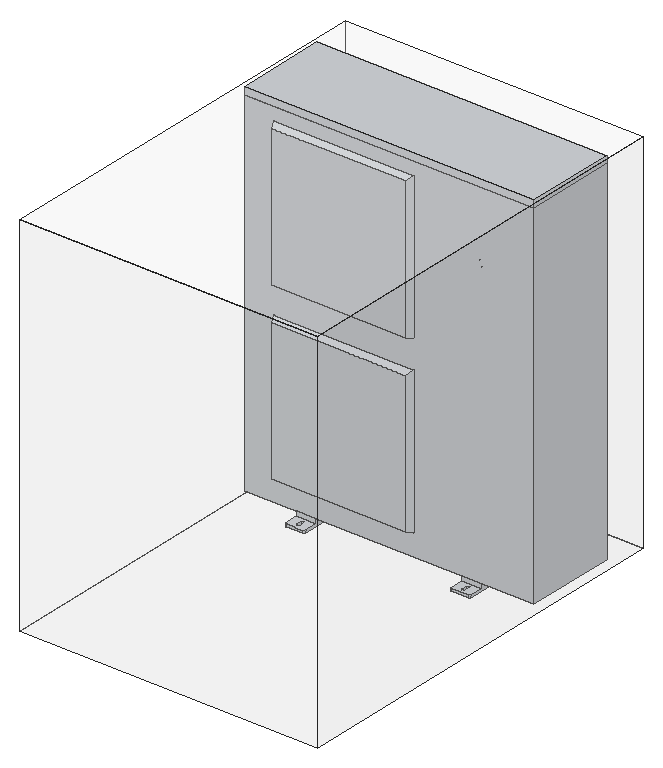
Revit family "puz-zrmp80sha_280ka12_60Hz", category 機械設備, Revit 2019
Family settings
  丸型コネクタ寸法 = 直径を使用
  パーツ タイプ = 標準
  OmniClass 番号 = 23.75.10.24.21.27.27
  OmniClass タイトル = Split System Air Conditioning Units
  作業面ベース = いいえ
  常に垂直 = はい
  ロード時にボイドで切り取り = いいえ
  共有 = いいえ
  部屋計算ポイント = いいえ
Parameters (values of type "PUZ-ZRMP224KA2")
  音響パワーレベル（冷）(dB) = 79
  音響パワーレベル(dB) = 81
  電源種別 = ""
  電源位置Y = 2 mm
  電源位置Z = 1063 mm
  電源位置X = 325 mm
  電圧 = 200 V
  電動機出力_送風機 = 0.3 kW
  電動機出力_圧縮機 = 4.6 kW
  集中コントローラ [instance] = ""
  運転質量 = 0.00 kg
  運転方法 = "冷暖切替"
  質量 = if(製品質量 > 運転質量, 製品質量, 運転質量) * 1.2  # 156.00 kg
  負荷分類 = 1_熱源類
  説明 = "空冷H/P PAC インバータ室外機"
  設計暖房能力 [instance] = 0 kW
  設計冷房能力_顕熱 [instance] = 0 kW
  設計冷房能力 [instance] = 0 kW
  設置方法 = "床置形"
  記号 [instance] = ""
  製造元 = "三菱電機株式会社"
  製品質量 = 130.00 kg
  製品出荷対象 = "国内"
  製品リリース年月 = "2022/10/11"
  製品グループ = ""
  系統 [instance] = ""
  符号 = "PAC"
  積算_科目 = "1 空気調和設備"
  積算_拾い区分 [instance] = ""
  相 = 3
  盤記号 [instance] = ""
  発停方法 = "付属スイッチ"
  特殊仕様 [instance] = ""
  消費電力_暖房 = 4.96 kW
  消費電力_冷房 = 5.33 kW
  消費電力 = if(消費電力_冷房 > 消費電力_暖房, 消費電力_冷房, 消費電力_暖房)  # 5.33 kW
  法定耐用年数 = "6"
  構成品番 = "PUZ-ZRMP224KA"
  極数 = 3
  材質 [instance] = ""
  本体マテリアル = none
  最小電線太さ_mm2 = 2
  最大電流値 = 0 A
  暖房能力 = 22.4 kW
  推奨ブレーカー容量 = 40 A
  据付ピッチ1 = 0 mm
  形式 = "パッケージ形 室外機"
  形名 = PUZ-ZRMP-3 : PUZ-ZRMP224KA
  幹線記号 [instance] = ""
  始動方式 = "インバータ始動方式"
  呼称 = "パッケージ形空気調和機_室外機"
  周波数 = 60 Hz
  価格 = 1609000
  ドレン　位置Z = 23 mm
  ドレン　位置Y = 176 mm
  ドレン　位置X = 45 mm
  アンカーボルト位置Y = 370 mm
  アンカーボルト位置X = 600 mm
  参照している仕様書等のバージョン = "公共建築物標準仕様書（機械設備工事編）平成31年度版"
  分類コード = "50053003126100"
  分類グループ = ""
  冷房能力 = 20 kW
  冷媒管（ガス）位置X = 479 mm
  冷媒管（液）位置X = 423 mm
  冷媒管（液）位置Y = 290 mm
  冷媒管（ガス）位置Y = 236 mm
  冷媒管長 [instance] = 0 mm
  冷媒管径符号 = "Bg"
  冷媒管径 = 100.00 mm
  冷媒管位置Z = 450 mm
  冷媒管位置Y = (冷媒管（液）位置Y + 冷媒管（ガス）位置Y) / 2  # 263 mm
  冷媒管位置X = (冷媒管（液）位置X + 冷媒管（ガス）位置X) / 2  # 451 mm
  冷媒液管径 = 9.52 mm
  冷媒ガス管径 = 25.40 mm
  企業コード = "108420"
  付属品 [instance] = ""
  仕様書バージョン = "Version1.0"
  ユニット数 = 1
  ユニット3 = yes
  ユニット2 = yes
  Model = ""
  ドレン管径 = 33.00 mm
  サービススペース = yes
  コメント [instance] = ""
  ケーブル種類1 = ""
  Width = 1050 mm
  Version = ""
  Uniclass2015Version = "Systems v1.9"
  Uniclass2015Title = "Split coil remote air cooled condensing units"
  Uniclass2015Code = "Pr_70_65_03_84"
  URL = "https://www.mitsubishielectric.co.jp/ldg/wink/ssl/displayProduct.do?pid=323536"
  SpecificationReference = ""
  SpecificationDescription = ""
  Revision = ""
  ProductInformation = ""
  OmniClassCode = "23-33 17 13 11"
  IfcTypeProduct = ""
  IfcProduct = ""
  IfcExportType = "AIRCONDITIONINGUNIT"
  IfcExportAs = "IfcUnitaryEquipmentType"
  Height = 1338 mm
  Depth = 330 mm
  Clearance Top = 0 mm
  Clearance Right = 15 mm
  Clearance Left = 15 mm
  Clearance Front = 1000 mm
  Clearance Bottom = 0 mm
  Clearance Back = 150 mm
  COP = 0
  Author = "三菱電機株式会社"
  APF = 0
Reference planes
  plane 1 "中心(正面/背面)": y = 74
  plane 2: z = 0
  plane 3 "中心(左/右)": x = 830
  plane 4 "右": x = 1355
  plane 5 "左": x = 305
  plane 6 "背面": y = 239
  plane 7 "正面": y = -91
  plane 8 "上部": z = 1338
  plane 9 "Clearanse Top": z = 1338
  plane 10 "SS_back": y = 389
  plane 11 "SS_front": y = -1091
  plane 12 "SS_left": x = 290
  plane 13 "SS_right": x = 1370
  plane 14: z = 0
  plane 15: y = -89
  plane 16: x = 1155
  plane 17: z = 1063
  plane 18: y = -87
  plane 19: y = -24
  plane 20: x = 1281
  plane 21: z = 450
  plane 22: z = 452
  plane 23: y = 63
  plane 24: x = 350
  plane 25: z = 25
  plane 26: z = 23
  plane 27: x = 530
  plane 28: x = 1130
  plane 29: y = 259
  plane 30: y = -111
Forms (mm)
  Extrusion 1, solid, detail levels fine
    sketch origin (0, -91, 0) x (1, 0, 0) y (0, 0, 1)
      loop
        circle (1155, 1063) r 13.5
    from -4 to -2
  Extrusion 2, solid, detail levels fine
    sketch origin (-1437.329, -1524, 54) x (-1, 0, 0) y (0, -1, 0)
      loop
        circle (-2718.329, -1500) r 50
    from 396 to 398
  Extrusion 3, solid, detail levels fine
    sketch origin (-1437.329, -1524, 54) x (-1, 0, 0) y (0, -1, 0)
      loop
        circle (-1787.329, -1587) r 16.5
    from -31 to -29
Lines and regions (mm)
  model lines, not visible
    curve 1: line (460, 178.667, 1289.179) -> (460, 297.73, 1289.179)
    curve 2: line (460, 178.667, 1056.056) -> (460, 178.667, 1289.179)
    curve 3: line (460, 297.73, 1056.056) -> (460, 178.667, 1056.056)
    curve 4: line (460, 297.73, 1289.179) -> (460, 297.73, 1056.056)
    curve 5: line (460, 47.598, 1289.179) -> (460, 166.661, 1289.179)
    curve 6: line (460, 47.598, 1056.056) -> (460, 47.598, 1289.179)
    curve 7: line (460, 166.661, 1056.056) -> (460, 47.598, 1056.056)
    curve 8: line (460, 166.661, 1289.179) -> (460, 166.661, 1056.056)
    curve 9: line (460, -83.471, 1289.179) -> (460, 35.592, 1289.179)
    curve 10: line (460, -83.471, 1056.056) -> (460, -83.471, 1289.179)
    curve 11: line (460, 35.592, 1056.056) -> (460, -83.471, 1056.056)
    curve 12: line (460, 35.592, 1289.179) -> (460, 35.592, 1056.056)
    curve 13: line (460, -150.779, 1289.179) -> (460, -95.75, 1289.179)
    curve 14: line (460, -150.779, 1056.056) -> (460, -150.779, 1289.179)
    curve 15: line (460, -95.75, 1056.056) -> (460, -150.779, 1056.056)
    curve 16: line (460, -95.75, 1289.179) -> (460, -95.75, 1056.056)
    curve 17: line (460, -150.779, 1283.175) -> (460, -132.596, 1283.175)
    curve 18: line (460, -150.779, 1062.059) -> (460, -150.779, 1283.175)
    curve 19: line (460, -132.596, 1062.059) -> (460, -150.779, 1062.059)
    curve 20: line (460, -132.596, 1283.175) -> (460, -132.596, 1062.059)
    curve 21: line (460, 178.667, 1046.051) -> (460, 297.73, 1046.051)
    curve 22: line (460, 178.667, 812.928) -> (460, 178.667, 1046.051)
    curve 23: line (460, 297.73, 812.928) -> (460, 178.667, 812.928)
    curve 24: line (460, 297.73, 1046.051) -> (460, 297.73, 812.928)
    curve 25: line (460, 47.598, 1046.051) -> (460, 166.661, 1046.051)
    curve 26: line (460, 47.598, 812.928) -> (460, 47.598, 1046.051)
    curve 27: line (460, 166.661, 812.928) -> (460, 47.598, 812.928)
    curve 28: line (460, 166.661, 1046.051) -> (460, 166.661, 812.928)
    curve 29: line (460, -83.471, 1046.051) -> (460, 35.592, 1046.051)
    curve 30: line (460, -83.471, 812.928) -> (460, -83.471, 1046.051)
    curve 31: line (460, 35.592, 812.928) -> (460, -83.471, 812.928)
    curve 32: line (460, 35.592, 1046.051) -> (460, 35.592, 812.928)
    curve 33: line (460, -150.779, 1046.051) -> (460, -95.75, 1046.051)
    curve 34: line (460, -150.779, 812.928) -> (460, -150.779, 1046.051)
    curve 35: line (460, -95.75, 812.928) -> (460, -150.779, 812.928)
    curve 36: line (460, -95.75, 1046.051) -> (460, -95.75, 812.928)
    curve 37: line (460, -150.779, 1040.048) -> (460, -132.596, 1040.048)
    curve 38: line (460, -150.779, 818.931) -> (460, -150.779, 1040.048)
    curve 39: line (460, -132.596, 818.931) -> (460, -150.779, 818.931)
    curve 40: line (460, -132.596, 1040.048) -> (460, -132.596, 818.931)
    curve 41: line (460, 178.667, 802.923) -> (460, 297.73, 802.923)
    curve 42: line (460, 178.667, 569.8) -> (460, 178.667, 802.923)
    curve 43: line (460, 297.73, 569.8) -> (460, 178.667, 569.8)
    curve 44: line (460, 297.73, 802.923) -> (460, 297.73, 569.8)
    curve 45: line (460, 47.598, 802.923) -> (460, 166.661, 802.923)
    curve 46: line (460, 47.598, 569.8) -> (460, 47.598, 802.923)
    curve 47: line (460, 166.661, 569.8) -> (460, 47.598, 569.8)
    curve 48: line (460, 166.661, 802.923) -> (460, 166.661, 569.8)
    curve 49: line (460, -83.471, 802.923) -> (460, 35.592, 802.923)
    curve 50: line (460, -83.471, 569.8) -> (460, -83.471, 802.923)
    curve 51: line (460, 35.592, 569.8) -> (460, -83.471, 569.8)
    curve 52: line (460, 35.592, 802.923) -> (460, 35.592, 569.8)
    curve 53: line (460, -150.779, 802.923) -> (460, -95.75, 802.923)
    curve 54: line (460, -150.779, 569.8) -> (460, -150.779, 802.923)
    curve 55: line (460, -95.75, 569.8) -> (460, -150.779, 569.8)
    curve 56: line (460, -95.75, 802.923) -> (460, -95.75, 569.8)
    curve 57: line (460, -150.779, 796.92) -> (460, -132.596, 796.92)
    curve 58: line (460, -150.779, 575.803) -> (460, -150.779, 796.92)
    curve 59: line (460, -132.596, 575.803) -> (460, -150.779, 575.803)
    curve 60: line (460, -132.596, 796.92) -> (460, -132.596, 575.803)
    curve 61: line (460, 178.667, 559.795) -> (460, 297.73, 559.795)
    curve 62: line (460, 178.667, 326.672) -> (460, 178.667, 559.795)
    curve 63: line (460, 297.73, 326.672) -> (460, 178.667, 326.672)
    curve 64: line (460, 297.73, 559.795) -> (460, 297.73, 326.672)
    curve 65: line (460, 47.598, 559.795) -> (460, 166.661, 559.795)
    curve 66: line (460, 47.598, 326.672) -> (460, 47.598, 559.795)
    curve 67: line (460, 166.661, 326.672) -> (460, 47.598, 326.672)
    curve 68: line (460, 166.661, 559.795) -> (460, 166.661, 326.672)
    curve 69: line (460, -83.471, 559.795) -> (460, 35.592, 559.795)
    curve 70: line (460, -83.471, 326.672) -> (460, -83.471, 559.795)
    curve 71: line (460, 35.592, 326.672) -> (460, -83.471, 326.672)
    curve 72: line (460, 35.592, 559.795) -> (460, 35.592, 326.672)
    curve 73: line (460, -150.779, 559.795) -> (460, -95.75, 559.795)
    curve 74: line (460, -150.779, 326.672) -> (460, -150.779, 559.795)
    curve 75: line (460, -95.75, 326.672) -> (460, -150.779, 326.672)
    curve 76: line (460, -95.75, 559.795) -> (460, -95.75, 326.672)
    curve 77: line (460, -150.779, 553.792) -> (460, -132.596, 553.792)
    curve 78: line (460, -150.779, 332.675) -> (460, -150.779, 553.792)
    curve 79: line (460, -132.596, 332.675) -> (460, -150.779, 332.675)
    curve 80: line (460, -132.596, 553.792) -> (460, -132.596, 332.675)
    curve 81: line (460, 178.667, 316.667) -> (460, 297.73, 316.667)
    curve 82: line (460, 178.667, 83.544) -> (460, 178.667, 316.667)
    curve 83: line (460, 297.73, 83.544) -> (460, 178.667, 83.544)
    curve 84: line (460, 297.73, 316.667) -> (460, 297.73, 83.544)
    curve 85: line (460, 47.598, 316.667) -> (460, 166.661, 316.667)
    curve 86: line (460, 47.598, 83.544) -> (460, 47.598, 316.667)
    curve 87: line (460, 166.661, 83.544) -> (460, 47.598, 83.544)
    curve 88: line (460, 166.661, 316.667) -> (460, 166.661, 83.544)
    curve 89: line (460, -83.471, 316.667) -> (460, 35.592, 316.667)
    curve 90: line (460, -83.471, 83.544) -> (460, -83.471, 316.667)
    curve 91: line (460, 35.592, 83.544) -> (460, -83.471, 83.544)
    curve 92: line (460, 35.592, 316.667) -> (460, 35.592, 83.544)
    curve 93: line (460, -150.779, 316.667) -> (460, -95.75, 316.667)
    curve 94: line (460, -150.779, 83.544) -> (460, -150.779, 316.667)
    curve 95: line (460, -95.75, 83.544) -> (460, -150.779, 83.544)
    curve 96: line (460, -95.75, 316.667) -> (460, -95.75, 83.544)
    curve 97: line (460, -150.779, 310.664) -> (460, -132.596, 310.664)
    curve 98: line (460, -150.779, 89.547) -> (460, -150.779, 310.664)
    curve 99: line (460, -132.596, 89.547) -> (460, -150.779, 89.547)
    curve 100: line (460, -132.596, 310.664) -> (460, -132.596, 89.547)
Dimensions and locks
  equal spacing: plane 7 "正面", plane 1 "中心(正面/背面)", plane 6 "背面"
  "Depth": plane 7 "正面" to plane 6 "背面"
  "Width": plane 5 "左" to plane 4 "右"
  equal spacing: plane 5 "左", plane 3 "中心(左/右)", plane 4 "右"
  "Clearance Left": plane 12 "SS_left" to plane 5 "左"
  "Clearance Right": plane 4 "右" to plane 13 "SS_right"
  "Clearance Back": plane 6 "背面" to plane 10 "SS_back"
  "Clearance Front": plane 11 "SS_front" to plane 7 "正面"
  "Height": plane 8 "上部" to level
  "Clearance Top": plane 9 "Clearanse Top" to plane 8 "上部"
  "Clearance Bottom": level to plane 14
  "電源位置X": plane 3 "中心(左/右)" to plane 16
  "電源位置Y": plane 7 "正面" to plane 15
  "電源位置Z": plane 17 to level
  locked: plane 15 to plane 18 at 2
  "冷媒管位置X": plane 3 "中心(左/右)" to plane 20
  "冷媒管位置Y": plane 19 to plane 6 "背面"
  "冷媒管位置Z": plane 21 to level
  locked: plane 22 to plane 21 at 2
  "ドレン　位置X": plane 5 "左" to plane 24
  "ドレン　位置Y": plane 23 to plane 6 "背面"
  locked: plane 25 to plane 26 at 2
  "ドレン　位置Z": plane 26 to level
  equal spacing: plane 30, plane 1 "中心(正面/背面)", plane 29
  "アンカーボルト位置Y": plane 30 to plane 29
  equal spacing: plane 27, plane 3 "中心(左/右)", plane 28
  "アンカーボルト位置X": plane 27 to plane 28
  radius of Extrusion 1 sketch curve = 13.5 mm
  "冷媒管径": diameter of Extrusion 2 sketch curve
  "ドレン管径": diameter of Extrusion 3 sketch curve
  aligned and locked: level to plane 2
  aligned and locked: plane 10 "SS_back" to nested 1  (x2)
  aligned and locked: plane 13 "SS_right" to nested 1
  aligned and locked: plane 12 "SS_left" to nested 1  (x2)
  aligned and locked: nested 1 to plane 13 "SS_right"
  aligned and locked: plane 11 "SS_front" to nested 1
  aligned and locked: plane 9 "Clearanse Top" to nested 1
  aligned and locked: plane 1 "中心(正面/背面)" to nested 2
  aligned and locked: plane 3 "中心(左/右)" to nested 2
  aligned and locked: plane 14 to nested 1
  aligned and locked: plane 17 to Extrusion 1 sketch curve
  aligned and locked: plane 16 to Extrusion 1 sketch curve
  aligned and locked: Extrusion 1 to plane 18
  aligned and locked: plane 15 to Extrusion 1
  aligned and locked: plane 19 to Extrusion 2 sketch curve
  aligned and locked: plane 20 to Extrusion 2 sketch curve
  aligned and locked: plane 22 to Extrusion 2
  aligned and locked: Extrusion 2 to plane 21
  aligned and locked: plane 24 to Extrusion 3 sketch curve
  aligned and locked: plane 23 to Extrusion 3 sketch curve
  aligned and locked: plane 25 to Extrusion 3
  aligned and locked: Extrusion 3 to plane 26
  aligned and locked: plane 27 to nested 3
  aligned and locked: plane 29 to nested 3
Nested families
  nested 1: "サービススペース" at (830, -351, 669), visible <- "サービススペース", type "サービススペース"
    with Width 1080 mm, Height 1338 mm, Depth 1480 mm
  nested 2: "PUZ-ZRMP-3" at (830, 74, 0), type <- "形名", type "PUZ-ZRMP224KA"
  nested 3: "固定点" at (530, -111, 0), type "固定点"
    with W 600 mm, D 370 mm
Connectors
  piping at (1281, -24, 450), diameter 100, driven by "冷媒管径", driven by "冷媒管径符号"
    settings: on Extrusion 2, index 1, connector inside diameter 609.60 mm, connector length 0 mm, flow factor 0, pipe flow 0.0 L/s, pressure drop 0.0 Pa, fitting loss kfactor 0, connector angle 0.00°, fixture units 0, engagement length 0 mm, angle of deflection 0.00°, flow configuration 1, flow direction 2, fitting loss method 4, system type 7, joint type 0, gender type 0, connector reference index -1, connector utility 0, adjustable connector no, is connector primary yes, connector description "Bg"
  electrical at (1155, -89, 1063), driven by "極数", driven by "負荷分類", driven by "電圧", driven by "消費電力"
    settings: on Extrusion 1, index 2, voltage 200 V, apparent load 5330 VA, apparent load phase1 0 VA, apparent load phase2 0 VA, apparent load phase3 0 VA, power factor 1, load classification "1_熱源類", number of poles 3, system type 30, power factor state 1, is connector primary yes, connector utility no, sub classification motor no, connector description ""
Definition of nested family "サービススペース"
  Parameters (values of type "サービススペース")
    Width [instance] = 500 mm
    Height [instance] = 500 mm
    Depth [instance] = 500 mm
  Reference planes
    plane 1 "中心(正面/背面)": y = 0
    plane 2: z = 0
    plane 3 "中心(左/右)": x = 0
    plane 4: y = -250
    plane 5: x = 250
    plane 6: y = 250
    plane 7: x = -250
    plane 8: z = 250
    plane 9: z = -250
  Forms (mm)
    Extrusion 1, solid
      sketch origin (-638.939, 0, 72.39) x (1, 0, 0) y (0, 1, 0)
        loop
          line (388.939, 250) -> (388.939, -250) -> (888.939, -250) -> (888.939, 250) -> (388.939, 250)
      from -322.39 to 177.61
  Lines and regions (mm)
    symbolic lines
      curve 1: line (-250, 0, 250) -> (250, 0, 250)
      curve 2: line (-250, 0, -250) -> (-250, 0, 250)
      curve 3: line (250, 0, -250) -> (-250, 0, -250)
      curve 4: line (250, 0, 250) -> (250, 0, -250)
      curve 5: line (0, -250, 250) -> (0, 250, 250)
      curve 6: line (0, -250, -250) -> (0, -250, 250)
      curve 7: line (0, 250, -250) -> (0, -250, -250)
      curve 8: line (0, 250, 250) -> (0, 250, -250)
      curve 9: line (-250, 250, 0) -> (250, 250, 0)
      curve 10: line (-250, -250, 0) -> (-250, 250, 0)
      curve 11: line (250, -250, 0) -> (-250, -250, 0)
      curve 12: line (250, 250, 0) -> (250, -250, 0)
  Dimensions and locks
    equal spacing: plane 7, plane 3 "中心(左/右)", plane 5
    equal spacing: plane 4, plane 1 "中心(正面/背面)", plane 6
    "Depth": plane 4 to plane 6
    "Width": plane 7 to plane 5
    equal spacing: plane 8, plane 2, plane 9
    "Height": plane 8 to plane 9
    aligned and locked: plane 9 to curve 3
    aligned and locked: plane 7 to curve 2
    aligned and locked: curve 4 to plane 5
    aligned and locked: plane 5 to Extrusion 1
    aligned and locked: Extrusion 1 to plane 7
    aligned and locked: Extrusion 1 to plane 9
    aligned and locked: plane 8 to Extrusion 1
    aligned and locked: plane 9 to curve 7
  Automatic sketch dimensions
    plane 4 to Extrusion 1 sketch curve = 0 mm
    Extrusion 1 sketch curve to plane 7 = 0 mm
    Extrusion 1 sketch curve to plane 5 = 0 mm
    plane 6 to Extrusion 1 sketch curve = 0 mm
    curve 2 to plane 8 = 0 mm
    plane 4 to curve 11 = 0 mm
    curve 11 to plane 7 = 0 mm
    curve 11 to plane 5 = 0 mm
    plane 6 to curve 10 = 0 mm
    curve 7 to plane 4 = 0 mm
    curve 7 to plane 6 = 0 mm
    curve 6 to plane 8 = 0 mm
Definition of nested family "PUZ-ZRMP-3"
  Parameters (values of type "PUZ-ZRMP112KA11")
    配線取出口サイズ = 27 mm
    配線取出口-Z = 1063 mm
    配線取出口-Y = 325 mm
    配線取出口-X = 325 mm
    液配管サイズ = 100 mm
    高さ = 1338 mm
    換気-W = 362 mm
    換気-H2 = 632 mm
    換気-H1 = 369 mm
    換気-D = 25 mm
    奥行き = 330 mm
    吊りボルト_H = 0 mm
    吊りボルト-φ = 12 mm
    冷媒配管サイズ = 9.52 mm
    冷媒液管径-Z = 450 mm
    冷媒液管径-Y = 290 mm
    冷媒液管径-X = 423 mm
    冷媒ガス管径-Z = 420 mm
    冷媒ガス管径-Y = 234 mm
    冷媒ガス管径-X = 483 mm
    吊りボルト-W = 600 mm
    マテリアル = none
    ドレン配管サイズ = 33 mm
    ドレン管径-Z = 0 mm
    ドレン管径-Y = 154 mm
    ドレン管径-X = 480 mm
    タイプ3 = yes
    タイプ2 = no
    タイプ1 = no
    ガス配管サイズ = 15.88 mm
    吊りボルト-D = 370 mm
    幅さ = 1050 mm
    a = 幅さ / 2  # 525 mm
  Types (3, lengths in mm): name | 冷媒配管サイズ | 冷媒液管径-Z | 冷媒ガス管径-Z | 冷媒ガス管径-Y | 冷媒ガス管径-X | ガス配管サイズ
    PUZ-ZRMP112KA11 | 9.52 | 450 | 420 | 234 | 483 | 15.88
    PUZ-ZRMP224KA | 19.05 | 450 | 337 | 236 | 479 | 25.4
    PUZ-ZRMP280KA | 19.05 | 424 | 337 | 236 | 479 | 25.4
  Reference planes
    plane 1 "中心(正面/背面)": y = 0
    plane 2: z = 0
    plane 3 "中心(左/右)": x = 0
    plane 4: z = 1338
    plane 5: x = -525
    plane 6: x = 525
    plane 7: y = 165
    plane 8: y = -165
    plane 9: x = 587
    plane 10: y = -105
    plane 11: y = 5
    plane 12: z = 1313
    plane 13: x = -545
    plane 14: x = -300
    plane 15: x = 300
    plane 16: y = 185
    plane 17: y = -185
    plane 18: x = 335
    plane 19: x = 265
    plane 20: x = -265
    plane 21: x = -335
    plane 22: y = 204
    plane 23: y = -218
    plane 24: z = 8.5
    plane 25: z = 25
    plane 26: z = 23
    plane 27: z = 1333
    plane 28: y = -40
    plane 29: y = 40
    plane 30: y = -30
    plane 31: y = 30
    plane 32: z = 1318
    plane 33: z = 55
    plane 34: z = 225
    plane 35: z = 570
    plane 36: x = 535
    plane 37: x = 556
    plane 38: y = -190
    plane 39: x = -163
    plane 40: z = 369
    plane 41: x = 91
    plane 42: x = -417
    plane 43: z = 633
    plane 44: z = 105
    plane 45: x = -407
    plane 46: x = 81
    plane 47: z = 623
    plane 48: z = 115
    plane 49: y = 115
    plane 50: y = -115
    plane 51: x = -480
    plane 52: y = -11
    plane 53: x = 483
    plane 54: x = 325
    plane 55: y = -160
    plane 56: y = -125
    plane 57: y = -69
    plane 58: x = 423
    plane 59: z = 420
    plane 60: z = 450
    plane 61: z = 1063
    plane 62: y = -110
    plane 63: z = 550
    plane 64: z = 550
    plane 65: x = 453
    plane 66: y = -97
    plane 67 "グループ": x = -525
    plane 68: z = 1338
    plane 69: z = 943
    plane 70: z = 1001
    plane 71: z = 1265
    plane 72: z = 737
    plane 73: z = 1255
    plane 74: z = 747
    plane 75: y = 125
    plane 76: x = -370
    plane 77: x = -210
    plane 78: x = -50
    plane 79: x = 110
  Forms (mm)
    Extrusion 1, solid, visible <- "タイプ3", detail levels fine
      sketch origin (-1437.329, -1524, 1338) x (-1, 0, 0) y (0, -1, 0)
        loop
          line (-1102.329, -1689) -> (-1102.329, -1359) -> (-1172.329, -1359) -> (-1172.329, -1689) -> (-1102.329, -1689)
        loop
          line (-1702.329, -1689) -> (-1702.329, -1359) -> (-1772.329, -1359) -> (-1772.329, -1689) -> (-1702.329, -1689)
      from -1338 to -1313
    Extrusion 2, solid, material <- "マテリアル", visible <- "タイプ3", detail levels fine
      sketch origin (-1437.329, -1524, 1338) x (-1, 0, 0) y (0, -1, 0)
        loop
          line (-1962.329, -1689) -> (-912.329, -1689) -> (-912.329, -1359) -> (-1962.329, -1359) -> (-1962.329, -1689)
      from -1313 to -25
    Extrusion 3, solid, material <- "マテリアル", visible <- "タイプ3", detail levels fine
      sketch origin (-1437.329, -1524, 1338) x (-1, 0, 0) y (0, -1, 0)
        loop
          line (-912.329, -1689) -> (-912.329, -1359) -> (-1962.329, -1359) -> (-1962.329, -1689) -> (-912.329, -1689)
      from -25 to 0
    Blend 4, solid, material <- "マテリアル", visible <- "タイプ3", detail levels fine
      base sketch origin (0, 0, 0) x (1, 0, 0) y (0, 0, 1)
        loop
          line (-417, 633) -> (-417, 105) -> (91, 105) -> (91, 633) -> (-417, 633)
      top sketch origin (0, 0, 0) x (1, 0, 0) y (0, 0, 1)
        loop
          line (-407, 623) -> (-407, 115) -> (81, 115) -> (81, 623) -> (-407, 623)
      from 165 to 190
    Extrusion 5, solid, material <- "マテリアル", visible <- "タイプ3", detail levels fine
      sketch origin (-1437.329, -1524, 1338) x (-1, 0, 0) y (0, -1, 0)
        loop
          circle (-1920.329, -1455) r 7.94
      from -918 to -788
    Extrusion 6, solid, material <- "マテリアル", visible <- "タイプ3", detail levels fine
      sketch origin (-1437.329, -1524, 1338) x (-1, 0, 0) y (0, -1, 0)
        loop
          circle (-1860.329, -1399) r 4.76
      from -888 to -788
    Extrusion 7, solid, material <- "マテリアル", visible <- "タイプ3", detail levels fine
      sketch origin (1480.036, -190, 1200) x (1, 0, 0) y (0, 0, 1)
        loop
          circle (-1155.036, -137) r 13.5
      from -80 to -30
    Extrusion 8, solid, material <- "マテリアル", visible <- "タイプ3", detail levels fine
      sketch origin (-1437.329, -1524, 1338) x (-1, 0, 0) y (0, -1, 0)
        loop
          circle (-1890.329, -1427) r 50
      from -888 to -788
    Blend 9, solid, material <- "マテリアル", visible <- "タイプ3", detail levels fine
      base sketch origin (1480.036, -190, 1200) x (1, 0, 0) y (0, 0, 1)
        loop
          line (-1897.036, 65) -> (-1897.036, -463) -> (-1389.036, -463) -> (-1389.036, 65) -> (-1897.036, 65)
      top sketch origin (1480.036, -190, 1200) x (1, 0, 0) y (0, 0, 1)
        loop
          line (-1887.036, 55) -> (-1887.036, -453) -> (-1399.036, -453) -> (-1399.036, 55) -> (-1887.036, 55)
      from -25 to 0
    Extrusion 10, solid, visible <- "タイプ3", detail levels fine
      sketch origin (-1437.329, -1524, 1338) x (-1, 0, 0) y (0, -1, 0)
        loop
          line (-1102.329, -1728) -> (-1102.329, -1689) -> (-1172.329, -1689) -> (-1172.329, -1728) -> (-1143.329, -1728) -> (-1143.329, -1709)
          arc (-1143.329, -1709) -> (-1137.329, -1703) -> (-1131.329, -1709) r 6
          line (-1131.329, -1709) -> (-1131.329, -1728) -> (-1102.329, -1728)
        loop
          line (-1102.329, -1359) -> (-1102.329, -1311)
          arc (-1102.329, -1311) -> (-1103.794, -1307.464) -> (-1107.329, -1306) r 5
          line (-1107.329, -1306) -> (-1167.329, -1306)
          arc (-1167.329, -1306) -> (-1170.865, -1307.464) -> (-1172.329, -1311) r 5
          line (-1172.329, -1311) -> (-1172.329, -1359) -> (-1102.329, -1359)
        loop
          arc (-1143.329, -1339) -> (-1137.329, -1345) -> (-1131.329, -1339) r 6
          line (-1131.329, -1339) -> (-1131.329, -1324)
          arc (-1131.329, -1324) -> (-1137.329, -1318) -> (-1143.329, -1324) r 6
          line (-1143.329, -1324) -> (-1143.329, -1339)
        loop
          line (-1772.329, -1728) -> (-1743.329, -1728) -> (-1743.329, -1709)
          arc (-1743.329, -1709) -> (-1737.329, -1703) -> (-1731.329, -1709) r 6
          line (-1731.329, -1709) -> (-1731.329, -1728) -> (-1702.329, -1728) -> (-1702.329, -1689) -> (-1772.329, -1689) -> (-1772.329, -1728)
        loop
          line (-1772.329, -1359) -> (-1702.329, -1359) -> (-1702.329, -1311)
          arc (-1702.329, -1311) -> (-1703.794, -1307.464) -> (-1707.329, -1306) r 5
          line (-1707.329, -1306) -> (-1767.329, -1306)
          arc (-1767.329, -1306) -> (-1770.865, -1307.464) -> (-1772.329, -1311) r 5
          line (-1772.329, -1311) -> (-1772.329, -1359)
        loop
          line (-1731.329, -1339) -> (-1731.329, -1324)
          arc (-1731.329, -1324) -> (-1737.329, -1318) -> (-1743.329, -1324) r 6
          line (-1743.329, -1324) -> (-1743.329, -1339)
          arc (-1743.329, -1339) -> (-1737.329, -1345) -> (-1731.329, -1339) r 6
      from -1338 to -1329.5
    Extrusion 11, solid, material <- "マテリアル", visible <- "タイプ3", detail levels fine
      sketch origin (-1437.329, -1524, 1338) x (-1, 0, 0) y (0, -1, 0)
        loop
          circle (-957.329, -1513) r 16.5
        loop
          circle (-1067.329, -1649) r 16.5
        loop
          circle (-1227.329, -1649) r 16.5
        loop
          circle (-1387.329, -1649) r 16.5
        loop
          circle (-1547.329, -1649) r 16.5
      from -1315 to -1313
  Cuts and joins
    joined: Extrusion 1, Extrusion 10
  Lines and regions (mm)
    Masking region 1, visible <- "タイプ3", detail levels coarse+medium
      outline origin (-1437.329, -1524, 1338) x (-1, 0, 0) y (0, -1, 0)
        loop
          line (-1962.329, -1689) -> (-1772.329, -1689) -> (-1772.329, -1728) -> (-1702.329, -1728) -> (-1702.329, -1689) -> (-1172.329, -1689) -> (-1172.329, -1728) -> (-1102.329, -1728) -> (-1102.329, -1689) -> (-912.329, -1689) -> (-912.329, -1359) -> (-1020.329, -1359) -> (-1030.329, -1334) -> (-1102.329, -1334) -> (-1102.329, -1306) -> (-1172.329, -1306) -> (-1172.329, -1334) -> (-1518.329, -1334) -> (-1528.329, -1359) -> (-1702.329, -1359) -> (-1702.329, -1306) -> (-1772.329, -1306) -> (-1772.329, -1359) -> (-1962.329, -1359) -> (-1962.329, -1689)
    model lines, visible <- "タイプ3", detail levels fine
      curve 1: line (447, 115, 1338) -> (-445, 115, 1338)
      curve 2: line (-445, -115, 1338) -> (447, -115, 1338)
      curve 3: line (-445, -45, 1338) -> (447, -45, 1338)
      curve 4: line (447, 45, 1338) -> (-445, 45, 1338)
      curve 5: line (-445, -35, 1338) -> (447, -35, 1338)
      curve 6: line (447, 35, 1338) -> (-445, 35, 1338)
      curve 7: line (-445, 115, 1338) -> (-445, 45, 1338)
      curve 8: line (447, -115, 1338) -> (447, -45, 1338)
      curve 9: line (-445, 35, 1338) -> (-445, -35, 1338)
      curve 10: line (-445, -45, 1338) -> (-445, -115, 1338)
      curve 11: line (447, -35, 1338) -> (447, 35, 1338)
      curve 12: line (447, 45, 1338) -> (447, 115, 1338)
      curve 13: line (479, -115, 1338) -> (479, 115, 1338)
      curve 14: line (462, -115, 1338) -> (462, 115, 1338)
      curve 15: line (-475, 115, 1338) -> (-475, -115, 1338)
      curve 16: line (-460, 115, 1338) -> (-460, -115, 1338)
      curve 17: line (-460, 115, 1338) -> (-475, 115, 1338)
      curve 18: line (-460, -115, 1338) -> (-475, -115, 1338)
      curve 19: line (462, 115, 1338) -> (479, 115, 1338)
      curve 20: line (462, -115, 1338) -> (479, -115, 1338)
      curve 21: line (-407, -190, 416.5) -> (81, -190, 416.5)
      curve 22: line (81, -190, 321.5) -> (-407, -190, 321.5)
      curve 23: line (-407, -190, 511.5) -> (81, -190, 511.5)
      curve 24: line (-407, -190, 606.5) -> (81, -190, 606.5)
      curve 25: line (81, -190, 226.5) -> (-407, -190, 226.5)
      curve 26: line (81, -190, 131.5) -> (-407, -190, 131.5)
      curve 27: line (-389.571, -190, 623) -> (-389.571, -190, 115)
      curve 28: line (63.571, -190, 115) -> (63.571, -190, 623)
      curve 29: line (-372.143, -190, 623) -> (-372.143, -190, 115)
      curve 30: line (-354.714, -190, 623) -> (-354.714, -190, 115)
      curve 31: line (-337.286, -190, 623) -> (-337.286, -190, 115)
      curve 32: line (-319.857, -190, 623) -> (-319.857, -190, 115)
      curve 33: line (-302.429, -190, 623) -> (-302.429, -190, 115)
      curve 34: line (-285, -190, 623) -> (-285, -190, 115)
      curve 35: line (-267.571, -190, 623) -> (-267.571, -190, 115)
      curve 36: line (-250.143, -190, 623) -> (-250.143, -190, 115)
      curve 37: line (-232.714, -190, 623) -> (-232.714, -190, 115)
      curve 38: line (-215.286, -190, 623) -> (-215.286, -190, 115)
      curve 39: line (-197.857, -190, 623) -> (-197.857, -190, 115)
      curve 40: line (-180.429, -190, 623) -> (-180.429, -190, 115)
      curve 41: line (-163, -190, 623) -> (-163, -190, 115)
      curve 42: line (-145.571, -190, 623) -> (-145.571, -190, 115)
      curve 43: line (-128.143, -190, 623) -> (-128.143, -190, 115)
      curve 44: line (-110.714, -190, 623) -> (-110.714, -190, 115)
      curve 45: line (-93.286, -190, 623) -> (-93.286, -190, 115)
      curve 46: line (-75.857, -190, 623) -> (-75.857, -190, 115)
      curve 47: line (-58.429, -190, 623) -> (-58.429, -190, 115)
      curve 48: line (-41, -190, 623) -> (-41, -190, 115)
      curve 49: line (-23.571, -190, 623) -> (-23.571, -190, 115)
      curve 50: line (-6.143, -190, 623) -> (-6.143, -190, 115)
      curve 51: line (11.286, -190, 623) -> (11.286, -190, 115)
      curve 52: line (28.714, -190, 623) -> (28.714, -190, 115)
      curve 53: line (46.143, -190, 623) -> (46.143, -190, 115)
      curve 54: line (-525, -100, 87) -> (-525, -60, 87)
      curve 55: line (-525, -100, 277) -> (-525, -100, 87)
      curve 56: line (-525, -60, 277) -> (-525, -100, 277)
      curve 57: line (-525, -60, 87) -> (-525, -60, 277)
      curve 58: line (-525, -100, 292) -> (-525, -60, 292)
      curve 59: line (-525, -100, 482) -> (-525, -100, 292)
      curve 60: line (-525, -60, 482) -> (-525, -100, 482)
      curve 61: line (-525, -60, 292) -> (-525, -60, 482)
      curve 62: line (-525, -100, 497) -> (-525, -60, 497)
      curve 63: line (-525, -100, 687) -> (-525, -100, 497)
      curve 64: line (-525, -60, 687) -> (-525, -100, 687)
      curve 65: line (-525, -60, 497) -> (-525, -60, 687)
      curve 66: line (-525, -100, 702) -> (-525, -60, 702)
      curve 67: line (-525, -100, 892) -> (-525, -100, 702)
      curve 68: line (-525, -60, 892) -> (-525, -100, 892)
      curve 69: line (-525, -60, 702) -> (-525, -60, 892)
      curve 70: line (-525, 60, 87) -> (-525, 100, 87)
      curve 71: line (-525, 60, 277) -> (-525, 60, 87)
      curve 72: line (-525, 100, 277) -> (-525, 60, 277)
      curve 73: line (-525, 100, 87) -> (-525, 100, 277)
      curve 74: line (-525, -46.667, 87) -> (-525, -6.667, 87)
      curve 75: line (-525, -46.667, 277) -> (-525, -46.667, 87)
      curve 76: line (-525, -6.667, 277) -> (-525, -46.667, 277)
      curve 77: line (-525, -6.667, 87) -> (-525, -6.667, 277)
      curve 78: line (-525, 6.667, 87) -> (-525, 46.667, 87)
      curve 79: line (-525, 6.667, 277) -> (-525, 6.667, 87)
      curve 80: line (-525, 46.667, 277) -> (-525, 6.667, 277)
      curve 81: line (-525, 46.667, 87) -> (-525, 46.667, 277)
      curve 82: line (-525, 60, 292) -> (-525, 100, 292)
      curve 83: line (-525, 60, 482) -> (-525, 60, 292)
      curve 84: line (-525, 100, 482) -> (-525, 60, 482)
      curve 85: line (-525, 100, 292) -> (-525, 100, 482)
      curve 86: line (-525, 60, 702) -> (-525, 100, 702)
      curve 87: line (-525, 60, 892) -> (-525, 60, 702)
      curve 88: line (-525, 100, 892) -> (-525, 60, 892)
      curve 89: line (-525, 100, 702) -> (-525, 100, 892)
      curve 90: line (-525, -46.667, 292) -> (-525, -6.667, 292)
      curve 91: line (-525, -46.667, 482) -> (-525, -46.667, 292)
      curve 92: line (-525, -6.667, 482) -> (-525, -46.667, 482)
      curve 93: line (-525, -6.667, 292) -> (-525, -6.667, 482)
      curve 94: line (-525, -46.667, 497) -> (-525, -6.667, 497)
      curve 95: line (-525, -46.667, 687) -> (-525, -46.667, 497)
      curve 96: line (-525, -6.667, 687) -> (-525, -46.667, 687)
      curve 97: line (-525, -6.667, 497) -> (-525, -6.667, 687)
      curve 98: line (-525, -46.667, 702) -> (-525, -6.667, 702)
      curve 99: line (-525, -46.667, 892) -> (-525, -46.667, 702)
      curve 100: line (-525, -6.667, 892) -> (-525, -46.667, 892)
      curve 101: line (-525, -6.667, 702) -> (-525, -6.667, 892)
      curve 102: line (-525, 6.667, 292) -> (-525, 46.667, 292)
      curve 103: line (-525, 6.667, 482) -> (-525, 6.667, 292)
      curve 104: line (-525, 46.667, 482) -> (-525, 6.667, 482)
      curve 105: line (-525, 46.667, 292) -> (-525, 46.667, 482)
      curve 106: line (-525, 6.667, 497) -> (-525, 46.667, 497)
      curve 107: line (-525, 6.667, 687) -> (-525, 6.667, 497)
      curve 108: line (-525, 46.667, 687) -> (-525, 6.667, 687)
      curve 109: line (-525, 46.667, 497) -> (-525, 46.667, 687)
      curve 110: line (-525, 6.667, 702) -> (-525, 46.667, 702)
      curve 111: line (-525, 6.667, 892) -> (-525, 6.667, 702)
      curve 112: line (-525, 46.667, 892) -> (-525, 6.667, 892)
      curve 113: line (-525, 46.667, 702) -> (-525, 46.667, 892)
      curve 114: line (-525, -100, 907) -> (-525, -60, 907)
      curve 115: line (-525, -100, 1097) -> (-525, -100, 907)
      curve 116: line (-525, -60, 1097) -> (-525, -100, 1097)
      curve 117: line (-525, -60, 907) -> (-525, -60, 1097)
      curve 118: line (-525, 60, 907) -> (-525, 100, 907)
      curve 119: line (-525, 60, 1097) -> (-525, 60, 907)
      curve 120: line (-525, 100, 1097) -> (-525, 60, 1097)
      curve 121: line (-525, 100, 907) -> (-525, 100, 1097)
      curve 122: line (-525, -46.667, 907) -> (-525, -6.667, 907)
      curve 123: line (-525, -46.667, 1097) -> (-525, -46.667, 907)
      curve 124: line (-525, -6.667, 1097) -> (-525, -46.667, 1097)
      curve 125: line (-525, -6.667, 907) -> (-525, -6.667, 1097)
      curve 126: line (-525, 6.667, 907) -> (-525, 46.667, 907)
      curve 127: line (-525, 6.667, 1097) -> (-525, 6.667, 907)
      curve 128: line (-525, 46.667, 1097) -> (-525, 6.667, 1097)
      curve 129: line (-525, 46.667, 907) -> (-525, 46.667, 1097)
      curve 130: line (-525, -100, 1112) -> (-525, -60, 1112)
      curve 131: line (-525, -100, 1302) -> (-525, -100, 1112)
      curve 132: line (-525, -60, 1302) -> (-525, -100, 1302)
      curve 133: line (-525, -60, 1112) -> (-525, -60, 1302)
      curve 134: line (-525, 60, 1112) -> (-525, 100, 1112)
      curve 135: line (-525, 60, 1302) -> (-525, 60, 1112)
      curve 136: line (-525, 100, 1302) -> (-525, 60, 1302)
      curve 137: line (-525, 100, 1112) -> (-525, 100, 1302)
      curve 138: line (-525, -46.667, 1112) -> (-525, -6.667, 1112)
      curve 139: line (-525, -46.667, 1302) -> (-525, -46.667, 1112)
      curve 140: line (-525, -6.667, 1302) -> (-525, -46.667, 1302)
      curve 141: line (-525, -6.667, 1112) -> (-525, -6.667, 1302)
      curve 142: line (-525, 6.667, 1112) -> (-525, 46.667, 1112)
      curve 143: line (-525, 6.667, 1302) -> (-525, 6.667, 1112)
      curve 144: line (-525, 46.667, 1302) -> (-525, 6.667, 1302)
      curve 145: line (-525, 46.667, 1112) -> (-525, 46.667, 1302)
      curve 303: line (81, -190, 1238.5) -> (-407, -190, 1238.5)
      curve 304: line (-407, -190, 763.5) -> (81, -190, 763.5)
      curve 305: line (-389.571, -190, 1255) -> (-389.571, -190, 747)
      curve 306: line (81, -190, 858.5) -> (-407, -190, 858.5)
      curve 307: line (81, -190, 1143.5) -> (-407, -190, 1143.5)
      curve 308: line (81, -190, 1048.5) -> (-407, -190, 1048.5)
      curve 309: line (-407, -190, 953.5) -> (81, -190, 953.5)
      curve 310: line (-372.143, -190, 1255) -> (-372.143, -190, 747)
      curve 311: line (-354.714, -190, 1255) -> (-354.714, -190, 747)
      curve 312: line (-337.286, -190, 1255) -> (-337.286, -190, 747)
      curve 313: line (-319.857, -190, 1255) -> (-319.857, -190, 747)
      curve 314: line (-302.429, -190, 1255) -> (-302.429, -190, 747)
      curve 315: line (-285, -190, 1255) -> (-285, -190, 747)
      curve 316: line (-267.571, -190, 1255) -> (-267.571, -190, 747)
      curve 317: line (-250.143, -190, 1255) -> (-250.143, -190, 747)
      curve 318: line (-232.714, -190, 1255) -> (-232.714, -190, 747)
      curve 319: line (-215.286, -190, 1255) -> (-215.286, -190, 747)
      curve 320: line (-197.857, -190, 1255) -> (-197.857, -190, 747)
      curve 321: line (-180.429, -190, 1255) -> (-180.429, -190, 747)
      curve 322: line (-163, -190, 1255) -> (-163, -190, 747)
      curve 323: line (-145.571, -190, 1255) -> (-145.571, -190, 747)
      curve 324: line (-128.143, -190, 1255) -> (-128.143, -190, 747)
      curve 325: line (-110.714, -190, 1255) -> (-110.714, -190, 747)
      curve 326: line (-93.286, -190, 1255) -> (-93.286, -190, 747)
      curve 327: line (-75.857, -190, 1255) -> (-75.857, -190, 747)
      curve 328: line (-58.429, -190, 1255) -> (-58.429, -190, 747)
      curve 329: line (-41, -190, 1255) -> (-41, -190, 747)
      curve 330: line (-23.571, -190, 1255) -> (-23.571, -190, 747)
      curve 331: line (-6.143, -190, 1255) -> (-6.143, -190, 747)
      curve 332: line (11.286, -190, 1255) -> (11.286, -190, 747)
      curve 333: line (28.714, -190, 1255) -> (28.714, -190, 747)
      curve 334: line (46.143, -190, 1255) -> (46.143, -190, 747)
      curve 335: line (63.571, -190, 1255) -> (63.571, -190, 747)
    model lines, visible <- "タイプ3", not visible, detail levels fine
      curve 146: line (-525, -100, 907) -> (-525, -60, 907)
      curve 147: line (-525, -100, 1097) -> (-525, -100, 907)
      curve 148: line (-525, -60, 1097) -> (-525, -100, 1097)
      curve 149: line (-525, -60, 907) -> (-525, -60, 1097)
      curve 150: line (-525, 60, 907) -> (-525, 100, 907)
      curve 151: line (-525, 60, 1097) -> (-525, 60, 907)
      curve 152: line (-525, 100, 1097) -> (-525, 60, 1097)
      curve 153: line (-525, 100, 907) -> (-525, 100, 1097)
      curve 154: line (-525, -46.667, 907) -> (-525, -6.667, 907)
      curve 155: line (-525, -46.667, 1097) -> (-525, -46.667, 907)
      curve 156: line (-525, -6.667, 1097) -> (-525, -46.667, 1097)
      curve 157: line (-525, -6.667, 907) -> (-525, -6.667, 1097)
      curve 158: line (-525, 6.667, 907) -> (-525, 46.667, 907)
      curve 159: line (-525, 6.667, 1097) -> (-525, 6.667, 907)
      curve 160: line (-525, 46.667, 1097) -> (-525, 6.667, 1097)
      curve 161: line (-525, 46.667, 907) -> (-525, 46.667, 1097)
      curve 162: line (-525, -100, 1112) -> (-525, -60, 1112)
      curve 163: line (-525, -100, 1302) -> (-525, -100, 1112)
      curve 164: line (-525, -60, 1302) -> (-525, -100, 1302)
      curve 165: line (-525, -60, 1112) -> (-525, -60, 1302)
      curve 166: line (-525, 60, 1112) -> (-525, 100, 1112)
      curve 167: line (-525, 60, 1302) -> (-525, 60, 1112)
      curve 168: line (-525, 100, 1302) -> (-525, 60, 1302)
      curve 169: line (-525, 100, 1112) -> (-525, 100, 1302)
      curve 170: line (-525, -46.667, 1112) -> (-525, -6.667, 1112)
      curve 171: line (-525, -46.667, 1302) -> (-525, -46.667, 1112)
      curve 172: line (-525, -6.667, 1302) -> (-525, -46.667, 1302)
      curve 173: line (-525, -6.667, 1112) -> (-525, -6.667, 1302)
      curve 174: line (-525, 6.667, 1112) -> (-525, 46.667, 1112)
      curve 175: line (-525, 6.667, 1302) -> (-525, 6.667, 1112)
      curve 176: line (-525, 46.667, 1302) -> (-525, 6.667, 1302)
      curve 177: line (-525, 46.667, 1112) -> (-525, 46.667, 1302)
      curve 194: line (-525, -100, 87) -> (-525, -60, 87)
      curve 195: line (-525, -100, 277) -> (-525, -100, 87)
      curve 196: line (-525, -60, 277) -> (-525, -100, 277)
      curve 197: line (-525, -60, 87) -> (-525, -60, 277)
      curve 198: line (-525, -100, 292) -> (-525, -60, 292)
      curve 199: line (-525, -100, 482) -> (-525, -100, 292)
      curve 200: line (-525, -60, 482) -> (-525, -100, 482)
      curve 201: line (-525, -60, 292) -> (-525, -60, 482)
      curve 202: line (-525, -100, 497) -> (-525, -60, 497)
      curve 203: line (-525, -100, 687) -> (-525, -100, 497)
      curve 204: line (-525, -60, 687) -> (-525, -100, 687)
      curve 205: line (-525, -60, 497) -> (-525, -60, 687)
      curve 206: line (-525, -100, 702) -> (-525, -60, 702)
      curve 207: line (-525, -100, 892) -> (-525, -100, 702)
      curve 208: line (-525, -60, 892) -> (-525, -100, 892)
      curve 209: line (-525, -60, 702) -> (-525, -60, 892)
      curve 210: line (-525, 60, 87) -> (-525, 100, 87)
      curve 211: line (-525, 60, 277) -> (-525, 60, 87)
      curve 212: line (-525, 100, 277) -> (-525, 60, 277)
      curve 213: line (-525, 100, 87) -> (-525, 100, 277)
      curve 214: line (-525, -46.667, 87) -> (-525, -6.667, 87)
      curve 215: line (-525, -46.667, 277) -> (-525, -46.667, 87)
      curve 216: line (-525, -6.667, 277) -> (-525, -46.667, 277)
      curve 217: line (-525, -6.667, 87) -> (-525, -6.667, 277)
      curve 218: line (-525, 6.667, 87) -> (-525, 46.667, 87)
      curve 219: line (-525, 6.667, 277) -> (-525, 6.667, 87)
      curve 220: line (-525, 46.667, 277) -> (-525, 6.667, 277)
      curve 221: line (-525, 46.667, 87) -> (-525, 46.667, 277)
      curve 222: line (-525, 60, 292) -> (-525, 100, 292)
      curve 223: line (-525, 60, 482) -> (-525, 60, 292)
      curve 224: line (-525, 100, 482) -> (-525, 60, 482)
      curve 225: line (-525, 100, 292) -> (-525, 100, 482)
      curve 226: line (-525, 60, 702) -> (-525, 100, 702)
      curve 227: line (-525, 60, 892) -> (-525, 60, 702)
      curve 228: line (-525, 100, 892) -> (-525, 60, 892)
      curve 229: line (-525, 100, 702) -> (-525, 100, 892)
      curve 230: line (-525, -46.667, 292) -> (-525, -6.667, 292)
      curve 231: line (-525, -46.667, 482) -> (-525, -46.667, 292)
      curve 232: line (-525, -6.667, 482) -> (-525, -46.667, 482)
      curve 233: line (-525, -6.667, 292) -> (-525, -6.667, 482)
      curve 234: line (-525, -46.667, 497) -> (-525, -6.667, 497)
      curve 235: line (-525, -46.667, 687) -> (-525, -46.667, 497)
      curve 236: line (-525, -6.667, 687) -> (-525, -46.667, 687)
      curve 237: line (-525, -6.667, 497) -> (-525, -6.667, 687)
      curve 238: line (-525, -46.667, 702) -> (-525, -6.667, 702)
      curve 239: line (-525, -46.667, 892) -> (-525, -46.667, 702)
      curve 240: line (-525, -6.667, 892) -> (-525, -46.667, 892)
      curve 241: line (-525, -6.667, 702) -> (-525, -6.667, 892)
      curve 242: line (-525, 6.667, 292) -> (-525, 46.667, 292)
      curve 243: line (-525, 6.667, 482) -> (-525, 6.667, 292)
      curve 244: line (-525, 46.667, 482) -> (-525, 6.667, 482)
      curve 245: line (-525, 46.667, 292) -> (-525, 46.667, 482)
      curve 246: line (-525, 6.667, 497) -> (-525, 46.667, 497)
      curve 247: line (-525, 6.667, 687) -> (-525, 6.667, 497)
      curve 248: line (-525, 46.667, 687) -> (-525, 6.667, 687)
      curve 249: line (-525, 46.667, 497) -> (-525, 46.667, 687)
      curve 250: line (-525, 6.667, 702) -> (-525, 46.667, 702)
      curve 251: line (-525, 6.667, 892) -> (-525, 6.667, 702)
      curve 252: line (-525, 46.667, 892) -> (-525, 6.667, 892)
      curve 253: line (-525, 46.667, 702) -> (-525, 46.667, 892)
    model lines, visible <- "タイプ2", not visible
      curve 178: line (-600, -100, 33.5) -> (-600, -60, 33.5)
      curve 179: line (-600, -100, 73.5) -> (-600, -100, 33.5)
      curve 180: line (-600, -60, 73.5) -> (-600, -100, 73.5)
      curve 181: line (-600, -60, 33.5) -> (-600, -60, 73.5)
      curve 182: line (-600, 60, 33.5) -> (-600, 100, 33.5)
      curve 183: line (-600, 60, 73.5) -> (-600, 60, 33.5)
      curve 184: line (-600, 100, 73.5) -> (-600, 60, 73.5)
      curve 185: line (-600, 100, 33.5) -> (-600, 100, 73.5)
      curve 186: line (-509, -46.667, 33.5) -> (-509, -6.667, 33.5)
      curve 187: line (-509, -46.667, 73.5) -> (-509, -46.667, 33.5)
      curve 188: line (-509, -6.667, 73.5) -> (-509, -46.667, 73.5)
      curve 189: line (-509, -6.667, 33.5) -> (-509, -6.667, 73.5)
      curve 190: line (-509, 6.667, 33.5) -> (-509, 46.667, 33.5)
      curve 191: line (-509, 6.667, 73.5) -> (-509, 6.667, 33.5)
      curve 192: line (-509, 46.667, 73.5) -> (-509, 6.667, 73.5)
      curve 193: line (-509, 46.667, 33.5) -> (-509, 46.667, 73.5)
      curve 287: line (-404.5, -100, 33.5) -> (-404.5, -60, 33.5)
      curve 288: line (-404.5, -100, 73.5) -> (-404.5, -100, 33.5)
      curve 289: line (-404.5, -60, 73.5) -> (-404.5, -100, 73.5)
      curve 290: line (-404.5, -60, 33.5) -> (-404.5, -60, 73.5)
      curve 291: line (-404.5, 60, 33.5) -> (-404.5, 100, 33.5)
      curve 292: line (-404.5, 60, 73.5) -> (-404.5, 60, 33.5)
      curve 293: line (-404.5, 100, 73.5) -> (-404.5, 60, 73.5)
      curve 294: line (-404.5, 100, 33.5) -> (-404.5, 100, 73.5)
      curve 295: line (-404.5, -46.667, 33.5) -> (-404.5, -6.667, 33.5)
      curve 296: line (-404.5, -46.667, 73.5) -> (-404.5, -46.667, 33.5)
      curve 297: line (-404.5, -6.667, 73.5) -> (-404.5, -46.667, 73.5)
      curve 298: line (-404.5, -6.667, 33.5) -> (-404.5, -6.667, 73.5)
      curve 299: line (-404.5, 6.667, 33.5) -> (-404.5, 46.667, 33.5)
      curve 300: line (-404.5, 6.667, 73.5) -> (-404.5, 6.667, 33.5)
      curve 301: line (-404.5, 46.667, 73.5) -> (-404.5, 6.667, 73.5)
      curve 302: line (-404.5, 46.667, 33.5) -> (-404.5, 46.667, 73.5)
    model lines, not visible
      curve 254: line (-338.5, -173.2, 372.5) -> (149.5, -173.2, 372.5)
      curve 255: line (149.5, -173.2, 277.5) -> (-338.5, -173.2, 277.5)
      curve 256: line (-338.5, -173.2, 467.5) -> (149.5, -173.2, 467.5)
      curve 257: line (-338.5, -173.2, 562.5) -> (149.5, -173.2, 562.5)
      curve 258: line (149.5, -173.2, 182.5) -> (-338.5, -173.2, 182.5)
      curve 259: line (149.5, -173.2, 87.5) -> (-338.5, -173.2, 87.5)
      curve 260: line (-321.071, -173.2, 579) -> (-321.071, -173.2, 71)
      curve 261: line (132.071, -173.2, 71) -> (132.071, -173.2, 579)
      curve 262: line (-303.643, -173.2, 579) -> (-303.643, -173.2, 71)
      curve 263: line (-286.214, -173.2, 579) -> (-286.214, -173.2, 71)
      curve 264: line (-268.786, -173.2, 579) -> (-268.786, -173.2, 71)
      curve 265: line (-251.357, -173.2, 579) -> (-251.357, -173.2, 71)
      curve 266: line (-233.929, -173.2, 579) -> (-233.929, -173.2, 71)
      curve 267: line (-216.5, -173.2, 579) -> (-216.5, -173.2, 71)
      curve 268: line (-199.071, -173.2, 579) -> (-199.071, -173.2, 71)
      curve 269: line (-181.643, -173.2, 579) -> (-181.643, -173.2, 71)
      curve 270: line (-164.214, -173.2, 579) -> (-164.214, -173.2, 71)
      curve 271: line (-146.786, -173.2, 579) -> (-146.786, -173.2, 71)
      curve 272: line (-129.357, -173.2, 579) -> (-129.357, -173.2, 71)
      curve 273: line (-111.929, -173.2, 579) -> (-111.929, -173.2, 71)
      curve 274: line (-94.5, -173.2, 579) -> (-94.5, -173.2, 71)
      curve 275: line (-77.071, -173.2, 579) -> (-77.071, -173.2, 71)
      curve 276: line (-59.643, -173.2, 579) -> (-59.643, -173.2, 71)
      curve 277: line (-42.214, -173.2, 579) -> (-42.214, -173.2, 71)
      curve 278: line (-24.786, -173.2, 579) -> (-24.786, -173.2, 71)
      curve 279: line (-7.357, -173.2, 579) -> (-7.357, -173.2, 71)
      curve 280: line (10.071, -173.2, 579) -> (10.071, -173.2, 71)
      curve 281: line (27.5, -173.2, 579) -> (27.5, -173.2, 71)
      curve 282: line (44.929, -173.2, 579) -> (44.929, -173.2, 71)
      curve 283: line (62.357, -173.2, 579) -> (62.357, -173.2, 71)
      curve 284: line (79.786, -173.2, 579) -> (79.786, -173.2, 71)
      curve 285: line (97.214, -173.2, 579) -> (97.214, -173.2, 71)
      curve 286: line (114.643, -173.2, 579) -> (114.643, -173.2, 71)
    symbolic lines, visible <- "タイプ3"
      curve 336: line (-344.073, 165, 1338) -> (-525, 165, 1338)
      curve 337: line (-525, 165, 1338) -> (-525, -165, 1338)
      curve 338: line (-525, -165, 1338) -> (-323.037, -165, 1338)
      curve 339: line (-417, -165, 1338) -> (-407, -190, 1338)
      curve 340: line (-407, -190, 1338) -> (-357.105, -190, 1338)
      curve 341: line (-335, -190, 1338) -> (-335, -218, 1338)
      curve 342: line (-335, -218, 1338) -> (-265, -218, 1338)
      curve 343: line (-265, -218, 1338) -> (-265, -190, 1338)
      curve 344: line (-357.105, -190, 1338) -> (81, -190, 1338)
      curve 345: line (81, -190, 1338) -> (91, -165, 1338)
      curve 346: line (-323.037, -165, 1338) -> (300.043, -165, 1338)
      curve 347: line (265, -165, 1338) -> (265, -218, 1338)
      curve 348: line (265, -218, 1338) -> (335, -218, 1338)
      curve 349: line (335, -218, 1338) -> (335, -165, 1338)
      curve 350: line (300.043, -165, 1338) -> (525, -165, 1338)
      curve 351: line (525, -165, 1338) -> (525, 165, 1338)
      curve 352: line (525, 165, 1338) -> (363.157, 165, 1338)
      curve 353: line (335, 165, 1338) -> (335, 204, 1338)
      curve 354: line (335, 204, 1338) -> (265, 204, 1338)
      curve 355: line (265, 204, 1338) -> (265, 165, 1338)
      curve 356: line (363.157, 165, 1338) -> (-344.073, 165, 1338)
      curve 357: line (-265, 165, 1338) -> (-265, 204, 1338)
      curve 358: line (-265, 204, 1338) -> (-335, 204, 1338)
      curve 359: line (-335, 204, 1338) -> (-335, 165, 1338)
      curve 360: line (-475, 115, 1338) -> (-460, 115, 1338)
      curve 361: line (-475, -115, 1338) -> (-475, 115, 1338)
      curve 362: line (-460, -115, 1338) -> (-475, -115, 1338)
      curve 363: line (-460, 115, 1338) -> (-460, -115, 1338)
      curve 364: line (-445, 115, 1338) -> (447, 115, 1338)
      curve 365: line (-445, 45, 1338) -> (-445, 115, 1338)
      curve 366: line (447, 45, 1338) -> (-445, 45, 1338)
      curve 367: line (447, 115, 1338) -> (447, 45, 1338)
      curve 368: line (447, 35, 1338) -> (-445, 35, 1338)
      curve 369: line (447, -35, 1338) -> (447, 35, 1338)
      curve 370: line (-445, -35, 1338) -> (447, -35, 1338)
      curve 371: line (-445, 35, 1338) -> (-445, -35, 1338)
      curve 372: line (-445, -45, 1338) -> (447, -45, 1338)
      curve 373: line (-445, -115, 1338) -> (-445, -45, 1338)
      curve 374: line (447, -115, 1338) -> (-445, -115, 1338)
      curve 375: line (447, -45, 1338) -> (447, -115, 1338)
      curve 376: line (462, -115, 1338) -> (479, -115, 1338)
      curve 377: line (462, 115, 1338) -> (462, -115, 1338)
      curve 378: line (479, 115, 1338) -> (462, 115, 1338)
      curve 379: line (479, -115, 1338) -> (479, 115, 1338)
  Dimensions and locks
    equal spacing: plane 8, plane 1 "中心(正面/背面)", plane 7
    "奥行き": plane 8 to plane 7
    equal spacing: plane 5, plane 3 "中心(左/右)", plane 6
    "幅さ": plane 5 to plane 6
    "高さ": plane 4 to level
    locked: plane 6 to plane 9 at 62
    locked: plane 8 to plane 10 at 60
    locked: plane 8 to plane 11 at 170
    locked: plane 4 to plane 12 at 25
    locked: plane 13 to plane 5 at 20
    "吊りボルト-D": plane 17 to plane 16
    equal spacing: plane 17, plane 1 "中心(正面/背面)", plane 16
    equal spacing: plane 14, plane 3 "中心(左/右)", plane 15
    "吊りボルト-W": plane 14 to plane 15
    plane 21 to plane 14 to plane 20 = 35 mm locked, 35 mm locked
    plane 19 to plane 15 to plane 18 = 35 mm locked, 35 mm locked
    locked: plane 16 to plane 22 at 19
    locked: plane 23 to plane 17 at 33
    locked: plane 24 to level at 8.5
    plane 25 to level = 25 mm
    locked: plane 4 to plane 27 at 5
    plane 7 to plane 1 "中心(正面/背面)" to plane 8 = 165 mm, 165 mm
    plane 29 to plane 1 "中心(正面/背面)" to plane 28 = 40 mm, 40 mm
    plane 31 to plane 1 "中心(正面/背面)" to plane 30 = 30 mm, 30 mm
    locked: plane 32 to plane 12 at 5
    locked: plane 33 to level at 55
    locked: plane 34 to level at 225
    equal spacing: plane 6, plane 37, plane 9
    locked: plane 6 to plane 36 at 10
    "換気-D": plane 38 to plane 8
    "換気-W": plane 39 to plane 5
    "換気-H1": plane 40 to level
    plane 41 to plane 39 to plane 42 = 254 mm locked, 254 mm locked
    plane 43 to plane 40 to plane 44 = 264 mm locked, 264 mm locked
    locked: plane 41 to plane 46 at 10
    locked: plane 45 to plane 42 at 10
    locked: plane 43 to plane 47 at 10
    locked: plane 48 to plane 44 at 10
    locked: curve 26 to plane 48 at 16.5
    locked: plane 47 to curve 24 at 16.5
    equal spacing: curve 24, curve 23, curve 21, curve 22, curve 25, curve 26
    equal spacing: plane 46, curve 28, curve 53, curve 52, curve 51, curve 50, curve 49, curve 48, curve 47, curve 46, curve 45, curve 44, curve 43, curve 42, curve 41, curve 40, curve 39, curve 38, curve 37, curve 36, curve 35, curve 34, curve 33, curve 32, curve 31, curve 30, curve 29, curve 27, plane 45
    locked: curve 4 to curve 6 at 10
    locked: curve 3 to curve 5 at 10
    locked: plane 49 to plane 7 at 50
    locked: plane 8 to plane 50 at 50
    "ドレン管径-Y": plane 8 to plane 52
    "配線取出口-Y": plane 55 to plane 7
    "冷媒液管径-Y": plane 56 to plane 7
    "冷媒ガス管径-Y": plane 57 to plane 7
    "配線取出口-X": plane 3 "中心(左/右)" to plane 54
    "冷媒ガス管径-X": plane 3 "中心(左/右)" to plane 53
    "冷媒液管径-X": plane 3 "中心(左/右)" to plane 58
    "冷媒液管径-Z": plane 60 to level
    "冷媒ガス管径-Z": plane 59 to level
    "配線取出口-Z": plane 61 to level
    locked: plane 55 to plane 62 at 50
    plane 63 to plane 59 = 130 mm
    locked: plane 64 to plane 60 at 100
    equal spacing: plane 58, plane 65, plane 53
    equal spacing: plane 56, plane 66, plane 57
    "a": plane 67 "グループ" to plane 3 "中心(左/右)"
    plane 69 to level = 943 mm
    plane 68 to level = 1338 mm
    locked: plane 35 to level at 570
    curve 21 to plane 40 to curve 22 = 47.5 mm locked, 47.5 mm locked
    "換気-H2": plane 70 to plane 40
    plane 71 to plane 70 to plane 72 = 264 mm locked, 264 mm locked
    locked: plane 74 to plane 72 at 10
    locked: plane 71 to plane 73 at 10
    locked: plane 73 to curve 303 at 16.5
    locked: curve 304 to plane 74 at 16.5
    equal spacing: curve 303, curve 307, curve 308, curve 309, curve 306, curve 304
    equal spacing: plane 46, curve 335, curve 334, curve 333, curve 332, curve 331, curve 330, curve 329, curve 328, curve 327, curve 326, curve 325, curve 324, curve 323, curve 322, curve 321, curve 320, curve 319, curve 318, curve 317, curve 316, curve 315, curve 314, curve 313, curve 312, curve 311, curve 310, curve 305, plane 45
    locked: plane 25 to plane 26 at 2
    "ドレン管径-X": plane 51 to plane 3 "中心(左/右)"
    locked: plane 52 to plane 75 at 136
    plane 51 to plane 76 to plane 77 to plane 78 to plane 79 = 110 mm locked, 160 mm locked, 160 mm locked, 160 mm locked
    "ガス配管サイズ": diameter of Extrusion 5 sketch curve
    "冷媒配管サイズ": diameter of Extrusion 6 sketch curve
    "配線取出口サイズ": diameter of Extrusion 7 sketch curve
    "液配管サイズ": diameter of Extrusion 8 sketch curve
    "ドレン配管サイズ": diameter of Extrusion 11 sketch curve  (x5)
    aligned and locked: level to plane 2
    aligned and locked: Extrusion 1 to level
    aligned and locked: plane 25 to Extrusion 1
    aligned and locked: Extrusion 2 sketch curve to plane 7
    aligned and locked: Extrusion 2 sketch curve to plane 8
    aligned and locked: Extrusion 2 sketch curve to plane 5
    aligned and locked: Extrusion 2 sketch curve to plane 6
    aligned and locked: Extrusion 2 to plane 25
    aligned and locked: plane 12 to Extrusion 2
    aligned and locked: Extrusion 3 sketch curve to Extrusion 2  (x4)
    aligned and locked: Extrusion 3 to plane 12
    aligned and locked: plane 4 to Extrusion 3
    aligned and locked: Blend 4 sketch curve to plane 43
    aligned and locked: Blend 4 sketch curve to plane 44
    aligned and locked: Blend 4 sketch curve to plane 42
    aligned and locked: Blend 4 sketch curve to plane 41
